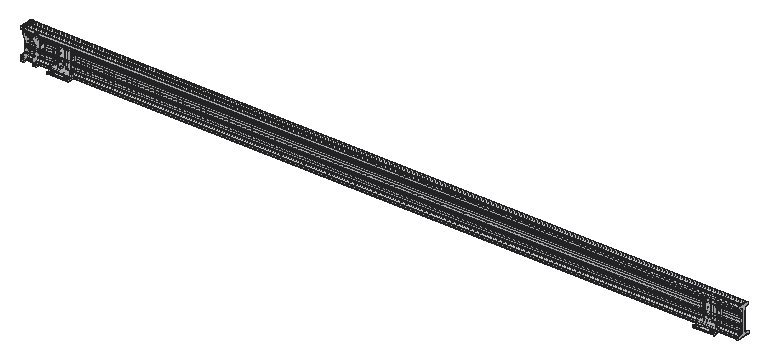
Revit family "Xbeam - 10m Beam + Brackets", category Structural Framing, Revit 2017 (continued)
Forms (mm)
  Extrusion 15, solid, not visible
    sketch origin (0, -165, 400) x (0, -1, 0) y (0, 0, -1)
      loop
        line (-0.678, 34.308) -> (-62.78, 38.65)
        arc (-62.78, 38.65) -> (-63.292, 38.894) -> (-63.5, 39.423) r 0.774
        line (-63.5, 39.423) -> (-63.5, 43.996) -> (-64.144, 44.529) -> (-63.5, 45.004) -> (-63.5, 48.967) -> (-64.8, 47.667) -> (-64.8, 35.048) -> (-63.5, 35.048) -> (-63.5, 36.51)
        arc (-63.5, 36.51) -> (-63.296, 36.979) -> (-62.815, 37.149) r 0.64
        line (-62.815, 37.149) -> (-4.73, 33.087)
        arc (-4.73, 33.087) -> (-4.069, 32.772) -> (-3.8, 32.09) r 1
        arc (-3.8, 32.09) -> (-3.406, 30.553) -> (-2.323, 29.394) r 3.2
        arc (-2.323, 29.394) -> (-1.59, 29.462) -> (-1.474, 30.188) r 0.6
        arc (-1.474, 30.188) -> (-1.845, 30.564) -> (-2.359, 30.688) r 0.963
        arc (-2.359, 30.688) -> (-2.867, 31.704) -> (-2.446, 32.76) r 1.389
        arc (-2.446, 32.76) -> (-1.679, 32.934) -> (-1.174, 32.33) r 0.755
        arc (-1.174, 32.33) -> (-0.734, 31.492) -> (0, 32.091) r 0.611
        line (0, 32.091) -> (0, 33.581)
        arc (0, 33.581) -> (-0.196, 34.078) -> (-0.678, 34.308) r 0.728
    from 1.6 to 1508.4
  Extrusion 16, solid, not visible
    sketch origin (0, -165, 400) x (0, -1, 0) y (0, 0, -1)
      loop
        line (-3, 2.8) -> (-12.75, 2.8) -> (-52.43, 2.8)
        arc (-52.43, 2.8) -> (-53.23, 3.6) -> (-54.03, 2.8) r 0.8
        line (-54.03, 2.8) -> (-63.5, 2.8) -> (-63.5, 3.946) -> (-64.119, 4.656) -> (-63.5, 5.677) -> (-63.5, 6.477) -> (-64.03, 7.085) -> (-63.5, 7.684) -> (-63.5, 8.977) -> (-64.03, 9.585) -> (-63.5, 10.184) -> (-63.5, 11.477) -> (-64.03, 12.085) -> (-63.5, 12.684) -> (-63.5, 13.977) -> (-64.03, 14.585) -> (-63.5, 15.184) -> (-63.5, 16.477) -> (-64.03, 17.085) -> (-63.5, 17.684) -> (-63.5, 18.977) -> (-64.03, 19.585) -> (-63.5, 20.184) -> (-63.5, 21.477) -> (-64.03, 22.085) -> (-63.5, 22.684) -> (-63.5, 23.977) -> (-64.03, 24.585) -> (-63.5, 25.184) -> (-63.5, 26.477) -> (-64.03, 27.085) -> (-63.5, 27.684) -> (-63.5, 34.299)
        arc (-63.5, 34.299) -> (-63.93, 34.702) -> (-64.5, 34.848) r 1.185
        arc (-64.5, 34.848) -> (-64.854, 34.995) -> (-65, 35.348) r 0.5
        line (-65, 35.348) -> (-65, 37.776) -> (-65.5, 39.274) -> (-65.5, 41.598) -> (-65, 42.921) -> (-65, 47.75) -> (-63.5, 49.25) -> (-63.5, 50.051) -> (-65.5, 50.051) -> (-65.5, 138.65)
        arc (-65.5, 138.65) -> (-66.063, 139.383) -> (-66.917, 139.029) r 0.759
        line (-66.917, 139.029) -> (-68.3, 136.633) -> (-68.3, 132.637) -> (-67.766, 132.042) -> (-68.3, 131.439) -> (-68.3, 130.127) -> (-67.766, 129.531) -> (-68.3, 128.928) -> (-68.3, 127.616) -> (-67.766, 127.02) -> (-68.3, 126.417) -> (-68.3, 125.105) -> (-67.766, 124.509) -> (-68.3, 123.907) -> (-68.3, 122.594) -> (-67.766, 121.999) -> (-68.3, 121.396) -> (-68.3, 120.083) -> (-67.766, 119.488) -> (-68.3, 118.885) -> (-68.3, 117.573) -> (-67.766, 116.977) -> (-68.3, 116.374) -> (-68.3, 115.062) -> (-67.766, 114.466) -> (-68.3, 113.863) -> (-68.3, 111.84) -> (-68.8, 110.926) -> (-68.8, 107.393)
        arc (-68.8, 107.393) -> (-69.023, 106.856) -> (-69.56, 106.633) r 0.76
        line (-69.56, 106.633) -> (-75.665, 106.633)
        arc (-75.665, 106.633) -> (-76.156, 106.8) -> (-76.445, 107.232) r 0.808
        line (-76.445, 107.232) -> (-77.686, 111.864)
        arc (-77.686, 111.864) -> (-78.057, 112.419) -> (-78.688, 112.633) r 1.037
        line (-78.688, 112.633) -> (-91.978, 112.633)
        arc (-91.978, 112.633) -> (-92.983, 113.05) -> (-93.4, 114.055) r 1.422
        line (-93.4, 114.055) -> (-93.4, 139.541)
        arc (-93.4, 139.541) -> (-93.158, 140.125) -> (-92.574, 140.367) r 0.826
        line (-92.574, 140.367) -> (-90.789, 140.367)
        arc (-90.789, 140.367) -> (-90.313, 140.206) -> (-90.034, 139.788) r 0.781
        line (-90.034, 139.788) -> (-89.654, 138.368)
        arc (-89.654, 138.368) -> (-88.306, 137.59) -> (-87.529, 138.938) r 1.1
        line (-87.529, 138.938) -> (-88.428, 142.292)
        arc (-88.428, 142.292) -> (-88.705, 142.707) -> (-89.177, 142.867) r 0.776
        line (-89.177, 142.867) -> (-95.38, 142.867)
        arc (-95.38, 142.867) -> (-95.96, 142.627) -> (-96.2, 142.047) r 0.82
        line (-96.2, 142.047) -> (-96.2, 136.131) -> (-95.666, 135.536) -> (-96.2, 134.933) -> (-96.2, 133.62) -> (-95.666, 133.025) -> (-96.2, 132.422) -> (-96.2, 131.11) -> (-95.666, 130.514) -> (-96.2, 129.911) -> (-96.2, 128.599) -> (-95.666, 128.003) -> (-96.2, 127.4) -> (-96.2, 126.088) -> (-95.666, 125.492) -> (-96.2, 124.89) -> (-96.2, 123.577) -> (-95.666, 122.982) -> (-96.2, 122.379) -> (-96.2, 121.066) -> (-95.666, 120.471) -> (-96.2, 119.868) -> (-96.2, 118.556) -> (-95.666, 117.96) -> (-96.2, 117.357) -> (-96.2, 115.574) -> (-96.7, 114.708) -> (-96.7, 112.265)
        arc (-96.7, 112.265) -> (-96.763, 111.784) -> (-96.949, 111.335) r 1.86
        line (-96.949, 111.335) -> (-99.092, 107.625)
        arc (-99.092, 107.625) -> (-99.396, 106.889) -> (-99.5, 106.101) r 3.048
        line (-99.5, 106.101) -> (-99.5, 76.404) -> (-99.5, 50.051) -> (-101.5, 50.051) -> (-101.5, 49.25) -> (-100, 47.75) -> (-100, 42.921) -> (-99.5, 41.598) -> (-99.5, 39.274) -> (-100, 37.776) -> (-100, 35.348)
        arc (-100, 35.348) -> (-100.146, 34.995) -> (-100.5, 34.848) r 0.5
        arc (-100.5, 34.848) -> (-101.07, 34.702) -> (-101.5, 34.299) r 1.185
        line (-101.5, 34.299) -> (-101.5, 27.684) -> (-100.97, 27.085) -> (-101.5, 26.477) -> (-101.5, 25.184) -> (-100.97, 24.585) -> (-101.5, 23.977) -> (-101.5, 22.684) -> (-100.97, 22.085) -> (-101.5, 21.477) -> (-101.5, 20.184) -> (-100.97, 19.585) -> (-101.5, 18.977) -> (-101.5, 17.684) -> (-100.97, 17.085) -> (-101.5, 16.477) -> (-101.5, 15.184) -> (-100.97, 14.585) -> (-101.5, 13.977) -> (-101.5, 12.684) -> (-100.97, 12.085) -> (-101.5, 11.477) -> (-101.5, 10.184) -> (-100.97, 9.585) -> (-101.5, 8.977) -> (-101.5, 7.684) -> (-100.97, 7.085) -> (-101.5, 6.477) -> (-101.5, 5.677) -> (-100.881, 4.656) -> (-101.5, 3.946) -> (-101.5, 2.8) -> (-110.97, 2.8)
        arc (-110.97, 2.8) -> (-111.77, 3.6) -> (-112.57, 2.8) r 0.8
        line (-112.57, 2.8) -> (-152.25, 2.8) -> (-162, 2.8) -> (-162, 3.946) -> (-162.53, 4.554) -> (-162, 5.154) -> (-162, 6.446) -> (-162.53, 7.054) -> (-162, 7.654) -> (-162, 8.946) -> (-162.53, 9.554) -> (-162, 10.154) -> (-162, 11.446) -> (-162.53, 12.054) -> (-162, 12.654) -> (-162, 13.946) -> (-162.53, 14.554) -> (-162, 15.154) -> (-162, 16.446) -> (-162.53, 17.054) -> (-162, 17.654) -> (-162, 18.946) -> (-162.53, 19.554) -> (-162, 20.154) -> (-162, 21.446) -> (-162.53, 22.054) -> (-162, 22.654) -> (-162, 23.946) -> (-162.53, 24.554) -> (-162, 25.154) -> (-162, 26.446) -> (-162.53, 27.054) -> (-162, 27.654) -> (-162, 29.252) -> (-163.328, 29.252)
        arc (-163.328, 29.252) -> (-163.666, 29.906) -> (-163.302, 30.547) r 0.774
        line (-163.302, 30.547) -> (-162.484, 31.394)
        arc (-162.484, 31.394) -> (-162.779, 32.384) -> (-163.721, 31.959) r 0.686
        arc (-163.721, 31.959) -> (-163.957, 31.596) -> (-164.352, 31.418) r 0.774
        arc (-164.352, 31.418) -> (-164.815, 31.166) -> (-165, 30.671) r 0.754
        line (-165, 30.671) -> (-165, 1.941)
        arc (-165, 1.941) -> (-164.431, 0.569) -> (-163.059, 0) r 1.941
        line (-163.059, 0) -> (-82.904, 0) -> (-1.941, 0)
        arc (-1.941, 0) -> (-0.569, 0.569) -> (0, 1.941) r 1.941
        line (0, 1.941) -> (0, 30.671)
        arc (0, 30.671) -> (-0.185, 31.166) -> (-0.648, 31.418) r 0.754
        arc (-0.648, 31.418) -> (-1.043, 31.596) -> (-1.279, 31.959) r 0.774
        arc (-1.279, 31.959) -> (-2.221, 32.384) -> (-2.516, 31.394) r 0.686
        line (-2.516, 31.394) -> (-1.698, 30.547)
        arc (-1.698, 30.547) -> (-1.334, 29.906) -> (-1.672, 29.252) r 0.774
        line (-1.672, 29.252) -> (-3, 29.252) -> (-3, 27.654) -> (-2.47, 27.054) -> (-3, 26.446) -> (-3, 25.154) -> (-2.47, 24.554) -> (-3, 23.946) -> (-3, 22.654) -> (-2.47, 22.054) -> (-3, 21.446) -> (-3, 20.154) -> (-2.47, 19.554) -> (-3, 18.946) -> (-3, 17.654) -> (-2.47, 17.054) -> (-3, 16.446) -> (-3, 15.154) -> (-2.47, 14.554) -> (-3, 13.946) -> (-3, 12.654) -> (-2.47, 12.054) -> (-3, 11.446) -> (-3, 10.154) -> (-2.47, 9.554) -> (-3, 8.946) -> (-3, 7.654) -> (-2.47, 7.054) -> (-3, 6.446) -> (-3, 5.154) -> (-2.47, 4.554) -> (-3, 3.946) -> (-3, 2.8)
      loop
        line (-67.9, 27.587) -> (-68.5, 35.109) -> (-68.5, 63.008)
        arc (-68.5, 63.008) -> (-68.791, 63.709) -> (-69.492, 64) r 0.992
        line (-69.492, 64) -> (-82.904, 64) -> (-95.508, 64)
        arc (-95.508, 64) -> (-96.209, 63.709) -> (-96.5, 63.008) r 0.992
        line (-96.5, 63.008) -> (-96.5, 35.109) -> (-97.1, 27.587) -> (-97.1, 7.002)
        arc (-97.1, 7.002) -> (-96.514, 5.586) -> (-95.098, 5) r 2.002
        line (-95.098, 5) -> (-82.904, 5) -> (-69.902, 5)
        arc (-69.902, 5) -> (-68.486, 5.586) -> (-67.9, 7.002) r 2.002
        line (-67.9, 7.002) -> (-67.9, 27.587)
      loop
        arc (-69.219, 68) -> (-68.569, 68.269) -> (-68.3, 68.919) r 0.919
        line (-68.3, 68.919) -> (-68.3, 102.183)
        arc (-68.3, 102.183) -> (-68.725, 103.208) -> (-69.75, 103.633) r 1.45
        line (-69.75, 103.633) -> (-76.753, 103.633)
        arc (-76.753, 103.633) -> (-78.208, 104.127) -> (-79.061, 105.404) r 2.39
        line (-79.061, 105.404) -> (-79.901, 108.538)
        arc (-79.901, 108.538) -> (-80.429, 109.328) -> (-81.328, 109.633) r 1.478
        line (-81.328, 109.633) -> (-93.935, 109.633)
        arc (-93.935, 109.633) -> (-94.597, 109.456) -> (-95.081, 108.972) r 1.322
        line (-95.081, 108.972) -> (-96.462, 106.58)
        arc (-96.462, 106.58) -> (-96.639, 106.151) -> (-96.7, 105.691) r 1.778
        line (-96.7, 105.691) -> (-96.7, 68.919)
        arc (-96.7, 68.919) -> (-96.431, 68.269) -> (-95.781, 68) r 0.919
        line (-95.781, 68) -> (-82.904, 68) -> (-69.219, 68)
    from 1.6 to 1508.4
Dimensions and locks
  "Min. Max. Primary Bearer Lenght": plane 4 "Primary Bearer Lenght" to plane 3 "Center (Left/Right)"
  locked: plane 6 to plane 4 "Primary Bearer Lenght" at 1.6
  locked: plane 3 "Center (Left/Right)" to plane 5 at 1.6
  "Min. Max. distancia a borde": plane 3 "Center (Left/Right)" to plane 7
  plane 3 "Center (Left/Right)" to nested 3 = 281.6 mm
  nested 6 to plane 7 = 150 mm
  "Min. Max. Portal spacing": plane 8 to plane 7
  plane 8 to plane 4 "Primary Bearer Lenght" = 432 mm
  aligned and locked: level to plane 2
  aligned and locked: plane 4 "Primary Bearer Lenght" to nested 2
  aligned and locked: plane 6 to Extrusion 7
  aligned and locked: plane 6 to Extrusion 5
  aligned and locked: plane 6 to Extrusion 1
  aligned and locked: plane 6 to Extrusion 2
  aligned and locked: plane 6 to Extrusion 6
  aligned and locked: plane 6 to Extrusion 4
  aligned and locked: plane 6 to Extrusion 3
  aligned and locked: plane 3 "Center (Left/Right)" to nested 1
  aligned and locked: Extrusion 5 to plane 5
  aligned and locked: Extrusion 2 to plane 5
  aligned and locked: Extrusion 1 to plane 5
  aligned and locked: Extrusion 4 to plane 5
  aligned and locked: Extrusion 3 to plane 5
  aligned and locked: Extrusion 6 to plane 5
  aligned and locked: Extrusion 7 to plane 5
  aligned and locked: nested 6 to plane 7
  aligned and locked: nested 7 to plane 8
Automatic sketch dimensions
  Extrusion 1 sketch curve to Extrusion 1 sketch curve = 0.011 mm
  Extrusion 1 sketch curve to Extrusion 1 sketch curve = 0.051 mm
  Extrusion 1 sketch curve to Extrusion 1 sketch curve = 0.868 mm
  Extrusion 1 sketch curve to Extrusion 1 sketch curve = 0.441 mm
  Extrusion 1 sketch curve to Extrusion 1 sketch curve = 0.521 mm
  Extrusion 1 sketch curve to Extrusion 1 sketch curve = 0.318 mm
  Extrusion 1 sketch curve to Extrusion 1 sketch curve = 2.81 mm
  Extrusion 1 sketch curve to Extrusion 1 sketch curve = 0.07 mm
  Extrusion 1 sketch curve to Extrusion 1 sketch curve = 57.995 mm
  Extrusion 1 sketch curve to Extrusion 1 sketch curve = 0.054 mm
  Extrusion 1 sketch curve to Extrusion 1 sketch curve = 0.036 mm
  Extrusion 1 sketch curve to Extrusion 1 sketch curve = 0.045 mm
  Extrusion 1 sketch curve to Extrusion 1 sketch curve = 0.64 mm
  Extrusion 1 sketch curve to Extrusion 1 sketch curve = 0.774 mm  (x2)
  Extrusion 1 sketch curve to Extrusion 1 sketch curve = 0.644 mm
  Extrusion 1 sketch curve to Extrusion 1 sketch curve = 1.3 mm  (x2)
  Extrusion 1 sketch curve to Extrusion 1 sketch curve = 1.501 mm
  Extrusion 1 sketch curve to Extrusion 1 sketch curve = 1.462 mm
  Extrusion 1 sketch curve to Extrusion 1 sketch curve = 0.494 mm
  Extrusion 1 sketch curve to Extrusion 1 sketch curve = 1.363 mm
  Extrusion 1 sketch curve to Extrusion 1 sketch curve = 0.127 mm
  Extrusion 1 sketch curve to Extrusion 1 sketch curve = 0 mm  (x3)
  Extrusion 1 sketch curve to Extrusion 1 sketch curve = 0.998 mm
  Extrusion 1 sketch curve to Extrusion 1 sketch curve = 0.455 mm
  Extrusion 1 sketch curve to Extrusion 1 sketch curve = 1.863 mm
  Extrusion 1 sketch curve to Extrusion 1 sketch curve = 0.174 mm
  Extrusion 1 sketch curve to Extrusion 1 sketch curve = 4.574 mm
  Extrusion 1 sketch curve to Extrusion 1 sketch curve = 0.532 mm
  Extrusion 1 sketch curve to Extrusion 1 sketch curve = 0.475 mm
  Extrusion 1 sketch curve to Extrusion 1 sketch curve = 2.664 mm
  Extrusion 1 sketch curve to Extrusion 1 sketch curve = 0.562 mm
  Extrusion 1 sketch curve to Extrusion 1 sketch curve = 0.526 mm
  Extrusion 1 sketch curve to Extrusion 1 sketch curve = 0.359 mm
  Extrusion 2 sketch curve to Extrusion 2 sketch curve = 0.754 mm  (x2)
  Extrusion 2 sketch curve to Extrusion 2 sketch curve = 0.944 mm  (x2)
  Extrusion 2 sketch curve to Extrusion 2 sketch curve = 0.238 mm
  Extrusion 2 sketch curve to Extrusion 2 sketch curve = 0.41 mm  (x3)
  Extrusion 2 sketch curve to Extrusion 2 sketch curve = 0.798 mm
  Extrusion 2 sketch curve to Extrusion 2 sketch curve = 0.58 mm  (x2)
  Extrusion 2 sketch curve to Extrusion 2 sketch curve = 0.53 mm  (x43)
  Extrusion 2 sketch curve to Extrusion 2 sketch curve = 1.059 mm  (x2)
  Extrusion 2 sketch curve to Extrusion 2 sketch curve = 0.893 mm  (x2)
  Extrusion 2 sketch curve to Extrusion 2 sketch curve = 9.75 mm  (x2)
  Extrusion 2 sketch curve to Extrusion 2 sketch curve = 39.68 mm  (x2)
  Extrusion 2 sketch curve to Extrusion 2 sketch curve = 0.8 mm  (x4)
  Extrusion 2 sketch curve to Extrusion 2 sketch curve = 9.47 mm  (x3)
  Extrusion 2 sketch curve to Extrusion 2 sketch curve = 0 mm  (x48)
  Extrusion 2 sketch curve to Extrusion 2 sketch curve = 0.619 mm  (x3)
  Extrusion 2 sketch curve to Extrusion 2 sketch curve = 1 mm
  Extrusion 2 sketch curve to Extrusion 2 sketch curve = 0.5 mm  (x9)
  Extrusion 2 sketch curve to Extrusion 2 sketch curve = 1.5 mm  (x4)
  Extrusion 2 sketch curve to Extrusion 2 sketch curve = 2 mm
  Extrusion 2 sketch curve to Extrusion 2 sketch curve = 0.759 mm
  Extrusion 2 sketch curve to Extrusion 2 sketch curve = 0.657 mm
  Extrusion 2 sketch curve to Extrusion 2 sketch curve = 1.507 mm
  Extrusion 2 sketch curve to Extrusion 2 sketch curve = 3.87 mm  (x3)
  Extrusion 2 sketch curve to Extrusion 2 sketch curve = 0.534 mm  (x17)
  Extrusion 2 sketch curve to Extrusion 2 sketch curve = 1.383 mm
  Extrusion 2 sketch curve to Extrusion 2 sketch curve = 3.5 mm
  Extrusion 2 sketch curve to Extrusion 2 sketch curve = 0.919 mm  (x2)
  Extrusion 2 sketch curve to Extrusion 2 sketch curve = 0.992 mm
  Extrusion 2 sketch curve to Extrusion 2 sketch curve = 0.76 mm
  Extrusion 2 sketch curve to Extrusion 2 sketch curve = 1.45 mm
  Extrusion 2 sketch curve to Extrusion 2 sketch curve = 2.002 mm
  Extrusion 2 sketch curve to Extrusion 2 sketch curve = 6.105 mm
  Extrusion 2 sketch curve to Extrusion 2 sketch curve = 0.78 mm
  Extrusion 2 sketch curve to Extrusion 2 sketch curve = 1.088 mm
  Extrusion 2 sketch curve to Extrusion 2 sketch curve = 1.241 mm
  Extrusion 2 sketch curve to Extrusion 2 sketch curve = 1.002 mm
  Extrusion 2 sketch curve to Extrusion 2 sketch curve = 2.309 mm
  Extrusion 2 sketch curve to Extrusion 2 sketch curve = 0.84 mm
  Extrusion 2 sketch curve to Extrusion 2 sketch curve = 1.428 mm
  Extrusion 2 sketch curve to Extrusion 2 sketch curve = 13.002 mm
  Extrusion 2 sketch curve to Extrusion 2 sketch curve = 13.411 mm
  Extrusion 2 sketch curve to Extrusion 2 sketch curve = 19.229 mm
  Extrusion 2 sketch curve to Extrusion 2 sketch curve = 0.899 mm
  Extrusion 2 sketch curve to Extrusion 2 sketch curve = 1.063 mm  (x2)
  Extrusion 2 sketch curve to Extrusion 2 sketch curve = 0.749 mm
  Extrusion 2 sketch curve to Extrusion 2 sketch curve = 0.38 mm
  Extrusion 2 sketch curve to Extrusion 2 sketch curve = 10.65 mm
  Extrusion 2 sketch curve to Extrusion 2 sketch curve = 1.785 mm
  Extrusion 2 sketch curve to Extrusion 2 sketch curve = 1.422 mm
  Extrusion 2 sketch curve to Extrusion 2 sketch curve = 1.958 mm
  Extrusion 2 sketch curve to Extrusion 2 sketch curve = 0.986 mm
  Extrusion 2 sketch curve to Extrusion 2 sketch curve = 1.145 mm
  Extrusion 2 sketch curve to Extrusion 2 sketch curve = 12.195 mm
  Extrusion 2 sketch curve to Extrusion 2 sketch curve = 2.806 mm
  Extrusion 2 sketch curve to Extrusion 2 sketch curve = 12.604 mm
  Extrusion 2 sketch curve to Extrusion 2 sketch curve = 2.266 mm  (x2)
  Extrusion 2 sketch curve to Extrusion 2 sketch curve = 0.273 mm
  Extrusion 2 sketch curve to Extrusion 2 sketch curve = 0.82 mm
  Extrusion 2 sketch curve to Extrusion 2 sketch curve = 1.53 mm
  Extrusion 2 sketch curve to Extrusion 2 sketch curve = 0.01 mm
  Extrusion 2 sketch curve to Extrusion 2 sketch curve = 0.6 mm
  Extrusion 2 sketch curve to Extrusion 2 sketch curve = 0.249 mm
  Extrusion 2 sketch curve to Extrusion 2 sketch curve = 1.86 mm
  Extrusion 2 sketch curve to Extrusion 2 sketch curve = 2.63 mm
  Extrusion 2 sketch curve to Extrusion 2 sketch curve = 3 mm  (x2)
  Extrusion 2 sketch curve to Extrusion 2 sketch curve = 3.781 mm
  Extrusion 2 sketch curve to Extrusion 2 sketch curve = 0.088 mm
  Extrusion 2 sketch curve to Extrusion 2 sketch curve = 0.484 mm
  Extrusion 2 sketch curve to Extrusion 2 sketch curve = 0.436 mm
  Extrusion 2 sketch curve to Extrusion 2 sketch curve = 1.397 mm  (x2)
  Extrusion 2 sketch curve to Extrusion 2 sketch curve = 1.941 mm
  Extrusion 2 sketch curve to Extrusion 2 sketch curve = 0.709 mm  (x2)
  Extrusion 2 sketch curve to Extrusion 2 sketch curve = 1.146 mm  (x4)
  Extrusion 2 sketch curve to Extrusion 2 sketch curve = 0.608 mm  (x38)
  Extrusion 2 sketch curve to Extrusion 2 sketch curve = 0.599 mm  (x39)
  Extrusion 2 sketch curve to Extrusion 2 sketch curve = 1.021 mm  (x2)
  Extrusion 2 sketch curve to Extrusion 2 sketch curve = 1.293 mm  (x34)
  Extrusion 2 sketch curve to Extrusion 2 sketch curve = 0.502 mm  (x2)
  Extrusion 2 sketch curve to Extrusion 2 sketch curve = 1.295 mm
  Extrusion 2 sketch curve to Extrusion 2 sketch curve = 1.598 mm  (x2)
  Extrusion 2 sketch curve to Extrusion 2 sketch curve = 0.639 mm
  Extrusion 2 sketch curve to Extrusion 2 sketch curve = 0.124 mm  (x2)
  Extrusion 2 sketch curve to Extrusion 2 sketch curve = 0.847 mm  (x2)
  Extrusion 2 sketch curve to Extrusion 2 sketch curve = 0.366 mm  (x2)
  Extrusion 2 sketch curve to Extrusion 2 sketch curve = 0.423 mm  (x2)
  Extrusion 2 sketch curve to Extrusion 2 sketch curve = 4.112 mm
  Extrusion 2 sketch curve to Extrusion 2 sketch curve = 5.979 mm  (x2)
  Extrusion 2 sketch curve to Extrusion 2 sketch curve = 0.636 mm  (x2)
  Extrusion 2 sketch curve to Extrusion 2 sketch curve = 0.261 mm  (x2)
  Extrusion 2 sketch curve to Extrusion 2 sketch curve = 2.427 mm
  Extrusion 2 sketch curve to Extrusion 2 sketch curve = 1.499 mm  (x2)
  Extrusion 2 sketch curve to Extrusion 2 sketch curve = 1.323 mm  (x2)
  Extrusion 2 sketch curve to Extrusion 2 sketch curve = 2.324 mm  (x2)
  Extrusion 2 sketch curve to Extrusion 2 sketch curve = 4.829 mm  (x2)
  Extrusion 2 sketch curve to Extrusion 2 sketch curve = 0.801 mm  (x2)
  Extrusion 2 sketch curve to Extrusion 2 sketch curve = 12.957 mm
  Extrusion 2 sketch curve to Extrusion 2 sketch curve = 4 mm
  Extrusion 2 sketch curve to Extrusion 2 sketch curve = 7.484 mm
  Extrusion 2 sketch curve to Extrusion 2 sketch curve = 33.263 mm
  Extrusion 2 sketch curve to Extrusion 2 sketch curve = 1.771 mm
  Extrusion 2 sketch curve to Extrusion 2 sketch curve = 0.286 mm
  Extrusion 2 sketch curve to Extrusion 2 sketch curve = 0.61 mm
  Extrusion 2 sketch curve to Extrusion 2 sketch curve = 2.751 mm
  Extrusion 2 sketch curve to Extrusion 2 sketch curve = 2.62 mm
  Extrusion 2 sketch curve to Extrusion 2 sketch curve = 0.383 mm
  Extrusion 2 sketch curve to Extrusion 2 sketch curve = 3.533 mm
  Extrusion 2 sketch curve to Extrusion 2 sketch curve = 2.364 mm
  Extrusion 2 sketch curve to Extrusion 2 sketch curve = 1.963 mm
  Extrusion 2 sketch curve to Extrusion 2 sketch curve = 0.914 mm
  Extrusion 2 sketch curve to Extrusion 2 sketch curve = 0.268 mm
  Extrusion 2 sketch curve to Extrusion 2 sketch curve = 2.023 mm
  Extrusion 2 sketch curve to Extrusion 2 sketch curve = 0.603 mm  (x16)
  Extrusion 2 sketch curve to Extrusion 2 sketch curve = 2.443 mm
  Extrusion 2 sketch curve to Extrusion 2 sketch curve = 0.596 mm  (x16)
  Extrusion 2 sketch curve to Extrusion 2 sketch curve = 0.866 mm
  Extrusion 2 sketch curve to Extrusion 2 sketch curve = 1.312 mm  (x14)
  Extrusion 2 sketch curve to Extrusion 2 sketch curve = 1.783 mm
  Extrusion 2 sketch curve to Extrusion 2 sketch curve = 3.996 mm
  Extrusion 2 sketch curve to Extrusion 2 sketch curve = 2.833 mm
  Extrusion 2 sketch curve to Extrusion 2 sketch curve = 2.017 mm
  Extrusion 2 sketch curve to Extrusion 2 sketch curve = 0.285 mm
  Extrusion 2 sketch curve to Extrusion 2 sketch curve = 1.173 mm
  Extrusion 2 sketch curve to Extrusion 2 sketch curve = 0.781 mm
  Extrusion 2 sketch curve to Extrusion 2 sketch curve = 2.506 mm
  Extrusion 2 sketch curve to Extrusion 2 sketch curve = 0.776 mm
  Extrusion 3 sketch curve to Extrusion 3 sketch curve = 0.656 mm
  Extrusion 3 sketch curve to Extrusion 3 sketch curve = 1.3 mm  (x3)
  Extrusion 3 sketch curve to Extrusion 3 sketch curve = 0.644 mm
  Extrusion 3 sketch curve to Extrusion 3 sketch curve = 0.64 mm
  Extrusion 3 sketch curve to Extrusion 3 sketch curve = 0.045 mm
  Extrusion 3 sketch curve to Extrusion 3 sketch curve = 0.72 mm
  Extrusion 3 sketch curve to Extrusion 3 sketch curve = 0.054 mm
  Extrusion 3 sketch curve to Extrusion 3 sketch curve = 58.06 mm
  Extrusion 3 sketch curve to Extrusion 3 sketch curve = 0.07 mm
  Extrusion 3 sketch curve to Extrusion 3 sketch curve = 2.482 mm
  Extrusion 3 sketch curve to Extrusion 3 sketch curve = 0.318 mm
  Extrusion 3 sketch curve to Extrusion 3 sketch curve = 0.079 mm
  Extrusion 3 sketch curve to Extrusion 3 sketch curve = 0.441 mm
  Extrusion 3 sketch curve to Extrusion 3 sketch curve = 1.192 mm
  Extrusion 3 sketch curve to Extrusion 3 sketch curve = 0.051 mm
  Extrusion 3 sketch curve to Extrusion 3 sketch curve = 0.868 mm
  Extrusion 3 sketch curve to Extrusion 3 sketch curve = 0.011 mm
  Extrusion 3 sketch curve to Extrusion 3 sketch curve = 0.6 mm
  Extrusion 3 sketch curve to Extrusion 3 sketch curve = 1.363 mm
  Extrusion 3 sketch curve to Extrusion 3 sketch curve = 0.127 mm
  Extrusion 3 sketch curve to Extrusion 3 sketch curve = 0 mm  (x4)
  Extrusion 3 sketch curve to Extrusion 3 sketch curve = 0.998 mm
  Extrusion 3 sketch curve to Extrusion 3 sketch curve = 0.455 mm
  Extrusion 3 sketch curve to Extrusion 3 sketch curve = 1.863 mm
  Extrusion 3 sketch curve to Extrusion 3 sketch curve = 0.174 mm
  Extrusion 3 sketch curve to Extrusion 3 sketch curve = 1.462 mm
  Extrusion 3 sketch curve to Extrusion 3 sketch curve = 0.532 mm
  Extrusion 3 sketch curve to Extrusion 3 sketch curve = 0.475 mm
  Extrusion 3 sketch curve to Extrusion 3 sketch curve = 0.526 mm
  Extrusion 3 sketch curve to Extrusion 3 sketch curve = 0.359 mm
  Extrusion 4 sketch curve to Extrusion 4 sketch curve = 0.408 mm  (x2)
  Extrusion 4 sketch curve to Extrusion 4 sketch curve = 0.759 mm
  Extrusion 4 sketch curve to Extrusion 4 sketch curve = 0.532 mm
  Extrusion 4 sketch curve to Extrusion 4 sketch curve = 0.657 mm  (x2)
  Extrusion 4 sketch curve to Extrusion 4 sketch curve = 1.507 mm
  Extrusion 4 sketch curve to Extrusion 4 sketch curve = 0 mm  (x28)
  Extrusion 4 sketch curve to Extrusion 4 sketch curve = 1.61 mm  (x2)
  Extrusion 4 sketch curve to Extrusion 4 sketch curve = 0.534 mm  (x33)
  Extrusion 4 sketch curve to Extrusion 4 sketch curve = 1.383 mm  (x2)
  Extrusion 4 sketch curve to Extrusion 4 sketch curve = 1.86 mm
  Extrusion 4 sketch curve to Extrusion 4 sketch curve = 2.8 mm  (x3)
  Extrusion 4 sketch curve to Extrusion 4 sketch curve = 0.099 mm
  Extrusion 4 sketch curve to Extrusion 4 sketch curve = 0.238 mm
  Extrusion 4 sketch curve to Extrusion 4 sketch curve = 0.248 mm  (x2)
  Extrusion 4 sketch curve to Extrusion 4 sketch curve = 0.5 mm  (x5)
  Extrusion 4 sketch curve to Extrusion 4 sketch curve = 0.919 mm  (x2)
  Extrusion 4 sketch curve to Extrusion 4 sketch curve = 0.957 mm
  Extrusion 4 sketch curve to Extrusion 4 sketch curve = 0.912 mm
  Extrusion 4 sketch curve to Extrusion 4 sketch curve = 1.053 mm
  Extrusion 4 sketch curve to Extrusion 4 sketch curve = 0.76 mm  (x2)
  Extrusion 4 sketch curve to Extrusion 4 sketch curve = 0.82 mm
  Extrusion 4 sketch curve to Extrusion 4 sketch curve = 1.45 mm
  Extrusion 4 sketch curve to Extrusion 4 sketch curve = 1.381 mm
  Extrusion 4 sketch curve to Extrusion 4 sketch curve = 1.53 mm  (x2)
  Extrusion 4 sketch curve to Extrusion 4 sketch curve = 1.145 mm  (x2)
  Extrusion 4 sketch curve to Extrusion 4 sketch curve = 0.826 mm  (x2)
  Extrusion 4 sketch curve to Extrusion 4 sketch curve = 1.422 mm
  Extrusion 4 sketch curve to Extrusion 4 sketch curve = 1.785 mm  (x2)
  Extrusion 4 sketch curve to Extrusion 4 sketch curve = 0.754 mm  (x2)
  Extrusion 4 sketch curve to Extrusion 4 sketch curve = 0.38 mm  (x2)
  Extrusion 4 sketch curve to Extrusion 4 sketch curve = 6.105 mm
  Extrusion 4 sketch curve to Extrusion 4 sketch curve = 1.612 mm
  Extrusion 4 sketch curve to Extrusion 4 sketch curve = 1.063 mm  (x4)
  Extrusion 4 sketch curve to Extrusion 4 sketch curve = 0.78 mm  (x2)
  Extrusion 4 sketch curve to Extrusion 4 sketch curve = 0.749 mm  (x2)
  Extrusion 4 sketch curve to Extrusion 4 sketch curve = 1.088 mm
  Extrusion 4 sketch curve to Extrusion 4 sketch curve = 1.241 mm
  Extrusion 4 sketch curve to Extrusion 4 sketch curve = 1.002 mm  (x2)
  Extrusion 4 sketch curve to Extrusion 4 sketch curve = 2.309 mm  (x2)
  Extrusion 4 sketch curve to Extrusion 4 sketch curve = 0.84 mm  (x2)
  Extrusion 4 sketch curve to Extrusion 4 sketch curve = 1.428 mm  (x2)
  Extrusion 4 sketch curve to Extrusion 4 sketch curve = 12.877 mm
  Extrusion 4 sketch curve to Extrusion 4 sketch curve = 10.65 mm  (x2)
  Extrusion 4 sketch curve to Extrusion 4 sketch curve = 2.64 mm
  Extrusion 4 sketch curve to Extrusion 4 sketch curve = 19.229 mm
  Extrusion 4 sketch curve to Extrusion 4 sketch curve = 0.899 mm
  Extrusion 4 sketch curve to Extrusion 4 sketch curve = 0.308 mm
  Extrusion 4 sketch curve to Extrusion 4 sketch curve = 1.958 mm
  Extrusion 4 sketch curve to Extrusion 4 sketch curve = 0.986 mm
  Extrusion 4 sketch curve to Extrusion 4 sketch curve = 5.915 mm
  Extrusion 4 sketch curve to Extrusion 4 sketch curve = 2.806 mm
  Extrusion 4 sketch curve to Extrusion 4 sketch curve = 0.19 mm
  Extrusion 4 sketch curve to Extrusion 4 sketch curve = 13.457 mm
  Extrusion 4 sketch curve to Extrusion 4 sketch curve = 2.266 mm  (x3)
  Extrusion 4 sketch curve to Extrusion 4 sketch curve = 26.369 mm
  Extrusion 4 sketch curve to Extrusion 4 sketch curve = 0.045 mm
  Extrusion 4 sketch curve to Extrusion 4 sketch curve = 0.227 mm
  Extrusion 4 sketch curve to Extrusion 4 sketch curve = 0.01 mm
  Extrusion 4 sketch curve to Extrusion 4 sketch curve = 0.929 mm
  Extrusion 4 sketch curve to Extrusion 4 sketch curve = 0.249 mm
  Extrusion 4 sketch curve to Extrusion 4 sketch curve = 2.63 mm
  Extrusion 4 sketch curve to Extrusion 4 sketch curve = 0.575 mm
  Extrusion 4 sketch curve to Extrusion 4 sketch curve = 1.68 mm
  Extrusion 4 sketch curve to Extrusion 4 sketch curve = 0.579 mm
  Extrusion 4 sketch curve to Extrusion 4 sketch curve = 3.263 mm
  Extrusion 4 sketch curve to Extrusion 4 sketch curve = 0.851 mm
  Extrusion 4 sketch curve to Extrusion 4 sketch curve = 0.285 mm  (x2)
  Extrusion 4 sketch curve to Extrusion 4 sketch curve = 2.396 mm
  Extrusion 4 sketch curve to Extrusion 4 sketch curve = 3.41 mm
  Extrusion 4 sketch curve to Extrusion 4 sketch curve = 0.596 mm  (x32)
  Extrusion 4 sketch curve to Extrusion 4 sketch curve = 0.603 mm  (x32)
  Extrusion 4 sketch curve to Extrusion 4 sketch curve = 1.312 mm  (x28)
  Extrusion 4 sketch curve to Extrusion 4 sketch curve = 3.996 mm  (x2)
  Extrusion 4 sketch curve to Extrusion 4 sketch curve = 1.783 mm  (x2)
  Extrusion 4 sketch curve to Extrusion 4 sketch curve = 0.866 mm  (x2)
  Extrusion 4 sketch curve to Extrusion 4 sketch curve = 1.519 mm
  Extrusion 4 sketch curve to Extrusion 4 sketch curve = 2.443 mm  (x2)
  Extrusion 4 sketch curve to Extrusion 4 sketch curve = 0.769 mm
  Extrusion 4 sketch curve to Extrusion 4 sketch curve = 2.023 mm  (x2)
  Extrusion 4 sketch curve to Extrusion 4 sketch curve = 0.914 mm  (x2)
  Extrusion 4 sketch curve to Extrusion 4 sketch curve = 1.963 mm  (x2)
  Extrusion 4 sketch curve to Extrusion 4 sketch curve = 0.661 mm
  Extrusion 4 sketch curve to Extrusion 4 sketch curve = 1.095 mm
  Extrusion 4 sketch curve to Extrusion 4 sketch curve = 1.347 mm
  Extrusion 4 sketch curve to Extrusion 4 sketch curve = 1.097 mm
  Extrusion 4 sketch curve to Extrusion 4 sketch curve = 3.533 mm  (x2)
  Extrusion 4 sketch curve to Extrusion 4 sketch curve = 0.479 mm
  Extrusion 4 sketch curve to Extrusion 4 sketch curve = 0.61 mm  (x2)
  Extrusion 4 sketch curve to Extrusion 4 sketch curve = 0.619 mm
  Extrusion 4 sketch curve to Extrusion 4 sketch curve = 28.716 mm
  Extrusion 4 sketch curve to Extrusion 4 sketch curve = 3.8 mm
  Extrusion 4 sketch curve to Extrusion 4 sketch curve = 21.268 mm
  Extrusion 4 sketch curve to Extrusion 4 sketch curve = 21.014 mm
  Extrusion 4 sketch curve to Extrusion 4 sketch curve = 3.951 mm
  Extrusion 4 sketch curve to Extrusion 4 sketch curve = 0.587 mm
  Extrusion 4 sketch curve to Extrusion 4 sketch curve = 25.193 mm
  Extrusion 4 sketch curve to Extrusion 4 sketch curve = 1.771 mm
  Extrusion 4 sketch curve to Extrusion 4 sketch curve = 0.286 mm
  Extrusion 4 sketch curve to Extrusion 4 sketch curve = 0.41 mm
  Extrusion 4 sketch curve to Extrusion 4 sketch curve = 0.599 mm
  Extrusion 4 sketch curve to Extrusion 4 sketch curve = 2.751 mm
  Extrusion 4 sketch curve to Extrusion 4 sketch curve = 2.62 mm
  Extrusion 4 sketch curve to Extrusion 4 sketch curve = 0.383 mm
  Extrusion 4 sketch curve to Extrusion 4 sketch curve = 2.364 mm
  Extrusion 4 sketch curve to Extrusion 4 sketch curve = 0.268 mm
  Extrusion 4 sketch curve to Extrusion 4 sketch curve = 2.833 mm
  Extrusion 4 sketch curve to Extrusion 4 sketch curve = 2.017 mm
  Extrusion 4 sketch curve to Extrusion 4 sketch curve = 1.173 mm
  Extrusion 4 sketch curve to Extrusion 4 sketch curve = 0.781 mm
  Extrusion 4 sketch curve to Extrusion 4 sketch curve = 2.506 mm
  Extrusion 4 sketch curve to Extrusion 4 sketch curve = 0.776 mm
  Extrusion 5 sketch curve to Extrusion 5 sketch curve = 0.6 mm
  Extrusion 5 sketch curve to Extrusion 5 sketch curve = 0.011 mm
  Extrusion 5 sketch curve to Extrusion 5 sketch curve = 0.051 mm
  Extrusion 5 sketch curve to Extrusion 5 sketch curve = 0.868 mm
  Extrusion 5 sketch curve to Extrusion 5 sketch curve = 0.441 mm
  Extrusion 5 sketch curve to Extrusion 5 sketch curve = 0.521 mm
  Extrusion 5 sketch curve to Extrusion 5 sketch curve = 0.318 mm
  Extrusion 5 sketch curve to Extrusion 5 sketch curve = 2.81 mm
  Extrusion 5 sketch curve to Extrusion 5 sketch curve = 0.07 mm
  Extrusion 5 sketch curve to Extrusion 5 sketch curve = 57.995 mm
  Extrusion 5 sketch curve to Extrusion 5 sketch curve = 0.054 mm
  Extrusion 5 sketch curve to Extrusion 5 sketch curve = 0.036 mm
  Extrusion 5 sketch curve to Extrusion 5 sketch curve = 0.045 mm
  Extrusion 5 sketch curve to Extrusion 5 sketch curve = 0.64 mm
  Extrusion 5 sketch curve to Extrusion 5 sketch curve = 0.774 mm  (x2)
  Extrusion 5 sketch curve to Extrusion 5 sketch curve = 0.644 mm
  Extrusion 5 sketch curve to Extrusion 5 sketch curve = 1.3 mm  (x2)
  Extrusion 5 sketch curve to Extrusion 5 sketch curve = 0.174 mm
  Extrusion 5 sketch curve to Extrusion 5 sketch curve = 1.863 mm
  Extrusion 5 sketch curve to Extrusion 5 sketch curve = 0.327 mm
  Extrusion 5 sketch curve to Extrusion 5 sketch curve = 0.328 mm
  Extrusion 5 sketch curve to Extrusion 5 sketch curve = 0 mm  (x3)
  Extrusion 5 sketch curve to Extrusion 5 sketch curve = 0.455 mm
  Extrusion 5 sketch curve to Extrusion 5 sketch curve = 0.998 mm
  Extrusion 5 sketch curve to Extrusion 5 sketch curve = 1.49 mm
  Extrusion 5 sketch curve to Extrusion 5 sketch curve = 2.959 mm
  Extrusion 5 sketch curve to Extrusion 5 sketch curve = 1.462 mm
  Extrusion 5 sketch curve to Extrusion 5 sketch curve = 1.501 mm
  Extrusion 5 sketch curve to Extrusion 5 sketch curve = 4.574 mm
  Extrusion 5 sketch curve to Extrusion 5 sketch curve = 0.532 mm
  Extrusion 5 sketch curve to Extrusion 5 sketch curve = 0.475 mm
  Extrusion 5 sketch curve to Extrusion 5 sketch curve = 2.664 mm
  Extrusion 5 sketch curve to Extrusion 5 sketch curve = 0.562 mm
  Extrusion 5 sketch curve to Extrusion 5 sketch curve = 0.526 mm
  Extrusion 5 sketch curve to Extrusion 5 sketch curve = 0.359 mm
  Extrusion 6 sketch curve to Extrusion 6 sketch curve = 0.656 mm
  Extrusion 6 sketch curve to Extrusion 6 sketch curve = 1.3 mm  (x3)
  Extrusion 6 sketch curve to Extrusion 6 sketch curve = 0.644 mm
  Extrusion 6 sketch curve to Extrusion 6 sketch curve = 0.64 mm
  Extrusion 6 sketch curve to Extrusion 6 sketch curve = 0.045 mm
  Extrusion 6 sketch curve to Extrusion 6 sketch curve = 0.72 mm
  Extrusion 6 sketch curve to Extrusion 6 sketch curve = 0.054 mm
  Extrusion 6 sketch curve to Extrusion 6 sketch curve = 58.06 mm
  Extrusion 6 sketch curve to Extrusion 6 sketch curve = 0.07 mm
  Extrusion 6 sketch curve to Extrusion 6 sketch curve = 2.482 mm
  Extrusion 6 sketch curve to Extrusion 6 sketch curve = 0.318 mm
  Extrusion 6 sketch curve to Extrusion 6 sketch curve = 0.079 mm
  Extrusion 6 sketch curve to Extrusion 6 sketch curve = 0.441 mm
  Extrusion 6 sketch curve to Extrusion 6 sketch curve = 1.192 mm
  Extrusion 6 sketch curve to Extrusion 6 sketch curve = 0.051 mm
  Extrusion 6 sketch curve to Extrusion 6 sketch curve = 0.868 mm
  Extrusion 6 sketch curve to Extrusion 6 sketch curve = 0.011 mm
  Extrusion 6 sketch curve to Extrusion 6 sketch curve = 0.6 mm
  Extrusion 6 sketch curve to Extrusion 6 sketch curve = 0.174 mm
  Extrusion 6 sketch curve to Extrusion 6 sketch curve = 1.863 mm
  Extrusion 6 sketch curve to Extrusion 6 sketch curve = 0.327 mm
  Extrusion 6 sketch curve to Extrusion 6 sketch curve = 0.328 mm
  Extrusion 6 sketch curve to Extrusion 6 sketch curve = 0 mm  (x4)
  Extrusion 6 sketch curve to Extrusion 6 sketch curve = 0.455 mm
  Extrusion 6 sketch curve to Extrusion 6 sketch curve = 0.998 mm
  Extrusion 6 sketch curve to Extrusion 6 sketch curve = 1.49 mm
  Extrusion 6 sketch curve to Extrusion 6 sketch curve = 2.959 mm
  Extrusion 6 sketch curve to Extrusion 6 sketch curve = 1.462 mm
  Extrusion 6 sketch curve to Extrusion 6 sketch curve = 1.501 mm
  Extrusion 6 sketch curve to Extrusion 6 sketch curve = 4.574 mm
  Extrusion 6 sketch curve to Extrusion 6 sketch curve = 0.532 mm
  Extrusion 6 sketch curve to Extrusion 6 sketch curve = 0.475 mm
  Extrusion 6 sketch curve to Extrusion 6 sketch curve = 2.664 mm
  Extrusion 6 sketch curve to Extrusion 6 sketch curve = 0.526 mm
  Extrusion 6 sketch curve to Extrusion 6 sketch curve = 0.359 mm
  Extrusion 7 sketch curve to Extrusion 7 sketch curve = 0.754 mm  (x3)
  Extrusion 7 sketch curve to Extrusion 7 sketch curve = 0.918 mm
  Extrusion 7 sketch curve to Extrusion 7 sketch curve = 0.944 mm  (x2)
  Extrusion 7 sketch curve to Extrusion 7 sketch curve = 0.238 mm  (x2)
  Extrusion 7 sketch curve to Extrusion 7 sketch curve = 1.941 mm
  Extrusion 7 sketch curve to Extrusion 7 sketch curve = 0.41 mm  (x3)
  Extrusion 7 sketch curve to Extrusion 7 sketch curve = 0 mm  (x53)
  Extrusion 7 sketch curve to Extrusion 7 sketch curve = 0.798 mm
  Extrusion 7 sketch curve to Extrusion 7 sketch curve = 0.58 mm  (x2)
  Extrusion 7 sketch curve to Extrusion 7 sketch curve = 0.53 mm  (x39)
  Extrusion 7 sketch curve to Extrusion 7 sketch curve = 1.059 mm  (x2)
  Extrusion 7 sketch curve to Extrusion 7 sketch curve = 0.893 mm  (x2)
  Extrusion 7 sketch curve to Extrusion 7 sketch curve = 9.75 mm  (x3)
  Extrusion 7 sketch curve to Extrusion 7 sketch curve = 39.68 mm  (x2)
  Extrusion 7 sketch curve to Extrusion 7 sketch curve = 0.8 mm  (x4)
  Extrusion 7 sketch curve to Extrusion 7 sketch curve = 9.47 mm  (x2)
  Extrusion 7 sketch curve to Extrusion 7 sketch curve = 0.619 mm  (x2)
  Extrusion 7 sketch curve to Extrusion 7 sketch curve = 1 mm  (x2)
  Extrusion 7 sketch curve to Extrusion 7 sketch curve = 0.5 mm  (x10)
  Extrusion 7 sketch curve to Extrusion 7 sketch curve = 2 mm
  Extrusion 7 sketch curve to Extrusion 7 sketch curve = 0.408 mm
  Extrusion 7 sketch curve to Extrusion 7 sketch curve = 0.532 mm
  Extrusion 7 sketch curve to Extrusion 7 sketch curve = 3.87 mm  (x2)
  Extrusion 7 sketch curve to Extrusion 7 sketch curve = 1.61 mm
  Extrusion 7 sketch curve to Extrusion 7 sketch curve = 0.249 mm
  Extrusion 7 sketch curve to Extrusion 7 sketch curve = 2.8 mm
  Extrusion 7 sketch curve to Extrusion 7 sketch curve = 0.2 mm
  Extrusion 7 sketch curve to Extrusion 7 sketch curve = 0.248 mm
  Extrusion 7 sketch curve to Extrusion 7 sketch curve = 0.919 mm  (x2)
  Extrusion 7 sketch curve to Extrusion 7 sketch curve = 0.534 mm  (x16)
  Extrusion 7 sketch curve to Extrusion 7 sketch curve = 0.992 mm  (x2)
  Extrusion 7 sketch curve to Extrusion 7 sketch curve = 0.82 mm
  Extrusion 7 sketch curve to Extrusion 7 sketch curve = 2.002 mm  (x2)
  Extrusion 7 sketch curve to Extrusion 7 sketch curve = 1.381 mm
  Extrusion 7 sketch curve to Extrusion 7 sketch curve = 1.53 mm
  Extrusion 7 sketch curve to Extrusion 7 sketch curve = 1.145 mm
  Extrusion 7 sketch curve to Extrusion 7 sketch curve = 1.98 mm
  Extrusion 7 sketch curve to Extrusion 7 sketch curve = 0.826 mm
  Extrusion 7 sketch curve to Extrusion 7 sketch curve = 1.422 mm
  Extrusion 7 sketch curve to Extrusion 7 sketch curve = 1.785 mm
  Extrusion 7 sketch curve to Extrusion 7 sketch curve = 0.38 mm
  Extrusion 7 sketch curve to Extrusion 7 sketch curve = 1.612 mm
  Extrusion 7 sketch curve to Extrusion 7 sketch curve = 1.063 mm  (x2)
  Extrusion 7 sketch curve to Extrusion 7 sketch curve = 0.749 mm
  Extrusion 7 sketch curve to Extrusion 7 sketch curve = 12.195 mm
  Extrusion 7 sketch curve to Extrusion 7 sketch curve = 12.604 mm
  Extrusion 7 sketch curve to Extrusion 7 sketch curve = 10.65 mm
  Extrusion 7 sketch curve to Extrusion 7 sketch curve = 1.428 mm
  Extrusion 7 sketch curve to Extrusion 7 sketch curve = 0.84 mm
  Extrusion 7 sketch curve to Extrusion 7 sketch curve = 2.64 mm
  Extrusion 7 sketch curve to Extrusion 7 sketch curve = 1.002 mm
  Extrusion 7 sketch curve to Extrusion 7 sketch curve = 2.309 mm
  Extrusion 7 sketch curve to Extrusion 7 sketch curve = 0.308 mm
  Extrusion 7 sketch curve to Extrusion 7 sketch curve = 0.78 mm
  Extrusion 7 sketch curve to Extrusion 7 sketch curve = 13.002 mm
  Extrusion 7 sketch curve to Extrusion 7 sketch curve = 5.915 mm
  Extrusion 7 sketch curve to Extrusion 7 sketch curve = 0.19 mm
  Extrusion 7 sketch curve to Extrusion 7 sketch curve = 13.411 mm
  Extrusion 7 sketch curve to Extrusion 7 sketch curve = 0.273 mm
  Extrusion 7 sketch curve to Extrusion 7 sketch curve = 0.76 mm
  Extrusion 7 sketch curve to Extrusion 7 sketch curve = 19.229 mm
  Extrusion 7 sketch curve to Extrusion 7 sketch curve = 1.383 mm
  Extrusion 7 sketch curve to Extrusion 7 sketch curve = 0.657 mm
  Extrusion 7 sketch curve to Extrusion 7 sketch curve = 3 mm
  Extrusion 7 sketch curve to Extrusion 7 sketch curve = 0.759 mm
  Extrusion 7 sketch curve to Extrusion 7 sketch curve = 3.781 mm
  Extrusion 7 sketch curve to Extrusion 7 sketch curve = 0.088 mm
  Extrusion 7 sketch curve to Extrusion 7 sketch curve = 1.5 mm  (x3)
  Extrusion 7 sketch curve to Extrusion 7 sketch curve = 0.484 mm
  Extrusion 7 sketch curve to Extrusion 7 sketch curve = 0.436 mm
  Extrusion 7 sketch curve to Extrusion 7 sketch curve = 1.397 mm  (x2)
  Extrusion 7 sketch curve to Extrusion 7 sketch curve = 0.859 mm  (x2)
  Extrusion 7 sketch curve to Extrusion 7 sketch curve = 1.146 mm  (x4)
  Extrusion 7 sketch curve to Extrusion 7 sketch curve = 0.608 mm  (x38)
  Extrusion 7 sketch curve to Extrusion 7 sketch curve = 0.709 mm  (x2)
  Extrusion 7 sketch curve to Extrusion 7 sketch curve = 5 mm
  Extrusion 7 sketch curve to Extrusion 7 sketch curve = 0.599 mm  (x39)
  Extrusion 7 sketch curve to Extrusion 7 sketch curve = 1.021 mm  (x2)
  Extrusion 7 sketch curve to Extrusion 7 sketch curve = 1.293 mm  (x34)
  Extrusion 7 sketch curve to Extrusion 7 sketch curve = 0.502 mm  (x2)
  Extrusion 7 sketch curve to Extrusion 7 sketch curve = 1.598 mm  (x2)
  Extrusion 7 sketch curve to Extrusion 7 sketch curve = 0.639 mm  (x2)
  Extrusion 7 sketch curve to Extrusion 7 sketch curve = 0.124 mm  (x2)
  Extrusion 7 sketch curve to Extrusion 7 sketch curve = 0.847 mm  (x2)
  Extrusion 7 sketch curve to Extrusion 7 sketch curve = 0.366 mm  (x2)
  Extrusion 7 sketch curve to Extrusion 7 sketch curve = 0.423 mm  (x2)
  Extrusion 7 sketch curve to Extrusion 7 sketch curve = 5.979 mm  (x2)
  Extrusion 7 sketch curve to Extrusion 7 sketch curve = 0.636 mm  (x2)
  Extrusion 7 sketch curve to Extrusion 7 sketch curve = 0.261 mm  (x2)
  Extrusion 7 sketch curve to Extrusion 7 sketch curve = 2.427 mm  (x2)
  Extrusion 7 sketch curve to Extrusion 7 sketch curve = 1.499 mm  (x2)
  Extrusion 7 sketch curve to Extrusion 7 sketch curve = 2.324 mm  (x2)
  Extrusion 7 sketch curve to Extrusion 7 sketch curve = 1.323 mm  (x2)
  Extrusion 7 sketch curve to Extrusion 7 sketch curve = 4.829 mm  (x2)
  Extrusion 7 sketch curve to Extrusion 7 sketch curve = 0.801 mm  (x2)
  Extrusion 7 sketch curve to Extrusion 7 sketch curve = 12.957 mm
  Extrusion 7 sketch curve to Extrusion 7 sketch curve = 4 mm
  Extrusion 7 sketch curve to Extrusion 7 sketch curve = 7.484 mm
  Extrusion 7 sketch curve to Extrusion 7 sketch curve = 33.263 mm
  Extrusion 7 sketch curve to Extrusion 7 sketch curve = 1.771 mm
  Extrusion 7 sketch curve to Extrusion 7 sketch curve = 0.286 mm
  Extrusion 7 sketch curve to Extrusion 7 sketch curve = 0.61 mm
  Extrusion 7 sketch curve to Extrusion 7 sketch curve = 2.751 mm
  Extrusion 7 sketch curve to Extrusion 7 sketch curve = 2.62 mm
  Extrusion 7 sketch curve to Extrusion 7 sketch curve = 0.383 mm
  Extrusion 7 sketch curve to Extrusion 7 sketch curve = 3.533 mm
  Extrusion 7 sketch curve to Extrusion 7 sketch curve = 2.364 mm
  Extrusion 7 sketch curve to Extrusion 7 sketch curve = 1.963 mm
  Extrusion 7 sketch curve to Extrusion 7 sketch curve = 0.914 mm
  Extrusion 7 sketch curve to Extrusion 7 sketch curve = 0.268 mm
  Extrusion 7 sketch curve to Extrusion 7 sketch curve = 2.023 mm
  Extrusion 7 sketch curve to Extrusion 7 sketch curve = 0.603 mm  (x16)
  Extrusion 7 sketch curve to Extrusion 7 sketch curve = 2.443 mm
  Extrusion 7 sketch curve to Extrusion 7 sketch curve = 0.596 mm  (x16)
  Extrusion 7 sketch curve to Extrusion 7 sketch curve = 0.866 mm
  Extrusion 7 sketch curve to Extrusion 7 sketch curve = 1.312 mm  (x14)
  Extrusion 7 sketch curve to Extrusion 7 sketch curve = 1.783 mm
  Extrusion 7 sketch curve to Extrusion 7 sketch curve = 3.996 mm
  Extrusion 7 sketch curve to Extrusion 7 sketch curve = 2.833 mm
  Extrusion 7 sketch curve to Extrusion 7 sketch curve = 2.017 mm
  Extrusion 7 sketch curve to Extrusion 7 sketch curve = 0.285 mm
  Extrusion 7 sketch curve to Extrusion 7 sketch curve = 1.173 mm
  Extrusion 7 sketch curve to Extrusion 7 sketch curve = 0.781 mm
  Extrusion 7 sketch curve to Extrusion 7 sketch curve = 2.506 mm
  Extrusion 7 sketch curve to Extrusion 7 sketch curve = 0.776 mm
  Extrusion 8 sketch curve to Extrusion 8 sketch curve = 315.138 mm
  Extrusion 8 sketch curve to Extrusion 8 sketch curve = 118.299 mm  (x2)
  Extrusion 8 sketch curve to Extrusion 8 sketch curve = 150.252 mm
  Extrusion 9 sketch curve to Extrusion 9 sketch curve = 55.566 mm
  Extrusion 9 sketch curve to Extrusion 9 sketch curve = 14.434 mm
  Extrusion 9 sketch curve to Extrusion 9 sketch curve = 25 mm  (x2)
  Extrusion 9 sketch curve to Extrusion 9 sketch curve = 21.559 mm
  Extrusion 9 sketch curve to Extrusion 9 sketch curve = 130.759 mm
  Extrusion 9 sketch curve to Extrusion 9 sketch curve = 37.341 mm
  Extrusion 9 sketch curve to Extrusion 9 sketch curve = 43.441 mm
  Extrusion 9 sketch curve to Extrusion 9 sketch curve = 82.265 mm
  Extrusion 8 sketch curve to Extrusion 8 sketch curve = 55.567 mm
  Extrusion 1 sketch curve to Extrusion 1 sketch curve = 0.445 mm
  Extrusion 1 sketch curve to Extrusion 1 sketch curve = 0.6 mm
  Extrusion 1 sketch curve to Extrusion 1 sketch curve = 2.959 mm
  Extrusion 2 sketch curve to Extrusion 2 sketch curve = 0.408 mm
  Extrusion 2 sketch curve to Extrusion 2 sketch curve = 0.859 mm  (x2)
  Extrusion 2 sketch curve to Extrusion 2 sketch curve = 5 mm
  Extrusion 3 sketch curve to Extrusion 3 sketch curve = 0.671 mm
  Extrusion 3 sketch curve to Extrusion 3 sketch curve = 2.959 mm
  Extrusion 3 sketch curve to Extrusion 3 sketch curve = 1.501 mm
  Extrusion 3 sketch curve to Extrusion 3 sketch curve = 4.574 mm
  Extrusion 3 sketch curve to Extrusion 3 sketch curve = 2.664 mm
  Extrusion 5 sketch curve to Extrusion 5 sketch curve = 0.728 mm
  Extrusion 10 sketch curve to Extrusion 10 sketch curve = 0.011 mm
  Extrusion 10 sketch curve to Extrusion 10 sketch curve = 0.051 mm
  Extrusion 10 sketch curve to Extrusion 10 sketch curve = 0.868 mm
  Extrusion 10 sketch curve to Extrusion 10 sketch curve = 0.441 mm
  Extrusion 10 sketch curve to Extrusion 10 sketch curve = 0.521 mm
  Extrusion 10 sketch curve to Extrusion 10 sketch curve = 0.318 mm
  Extrusion 10 sketch curve to Extrusion 10 sketch curve = 2.81 mm
  Extrusion 10 sketch curve to Extrusion 10 sketch curve = 0.07 mm
  Extrusion 10 sketch curve to Extrusion 10 sketch curve = 57.995 mm
  Extrusion 10 sketch curve to Extrusion 10 sketch curve = 0.054 mm
  Extrusion 10 sketch curve to Extrusion 10 sketch curve = 0.036 mm
  Extrusion 10 sketch curve to Extrusion 10 sketch curve = 0.045 mm
  Extrusion 10 sketch curve to Extrusion 10 sketch curve = 0.64 mm
  Extrusion 10 sketch curve to Extrusion 10 sketch curve = 0.774 mm  (x2)
  Extrusion 10 sketch curve to Extrusion 10 sketch curve = 0.644 mm
  Extrusion 10 sketch curve to Extrusion 10 sketch curve = 1.3 mm  (x2)
  Extrusion 10 sketch curve to Extrusion 10 sketch curve = 1.501 mm
  Extrusion 10 sketch curve to Extrusion 10 sketch curve = 1.462 mm
  Extrusion 10 sketch curve to Extrusion 10 sketch curve = 0.494 mm
  Extrusion 10 sketch curve to Extrusion 10 sketch curve = 1.363 mm
  Extrusion 10 sketch curve to Extrusion 10 sketch curve = 0.127 mm
  Extrusion 10 sketch curve to Extrusion 10 sketch curve = 0 mm  (x3)
  Extrusion 10 sketch curve to Extrusion 10 sketch curve = 0.998 mm
  Extrusion 10 sketch curve to Extrusion 10 sketch curve = 0.455 mm
  Extrusion 10 sketch curve to Extrusion 10 sketch curve = 1.863 mm
  Extrusion 10 sketch curve to Extrusion 10 sketch curve = 0.174 mm
  Extrusion 10 sketch curve to Extrusion 10 sketch curve = 4.574 mm
  Extrusion 10 sketch curve to Extrusion 10 sketch curve = 0.532 mm
  Extrusion 10 sketch curve to Extrusion 10 sketch curve = 0.475 mm
  Extrusion 10 sketch curve to Extrusion 10 sketch curve = 2.664 mm
  Extrusion 10 sketch curve to Extrusion 10 sketch curve = 0.562 mm
  Extrusion 10 sketch curve to Extrusion 10 sketch curve = 0.526 mm
  Extrusion 10 sketch curve to Extrusion 10 sketch curve = 0.359 mm
  Extrusion 11 sketch curve to Extrusion 11 sketch curve = 0.754 mm  (x2)
  Extrusion 11 sketch curve to Extrusion 11 sketch curve = 0.944 mm  (x2)
  Extrusion 11 sketch curve to Extrusion 11 sketch curve = 0.238 mm
  Extrusion 11 sketch curve to Extrusion 11 sketch curve = 0.41 mm  (x3)
  Extrusion 11 sketch curve to Extrusion 11 sketch curve = 0.798 mm
  Extrusion 11 sketch curve to Extrusion 11 sketch curve = 0.58 mm  (x2)
  Extrusion 11 sketch curve to Extrusion 11 sketch curve = 0.53 mm  (x43)
  Extrusion 11 sketch curve to Extrusion 11 sketch curve = 1.059 mm  (x2)
  Extrusion 11 sketch curve to Extrusion 11 sketch curve = 0.893 mm  (x2)
  Extrusion 11 sketch curve to Extrusion 11 sketch curve = 9.75 mm  (x2)
  Extrusion 11 sketch curve to Extrusion 11 sketch curve = 39.68 mm  (x2)
  Extrusion 11 sketch curve to Extrusion 11 sketch curve = 0.8 mm  (x4)
  Extrusion 11 sketch curve to Extrusion 11 sketch curve = 9.47 mm  (x3)
  Extrusion 11 sketch curve to Extrusion 11 sketch curve = 0 mm  (x48)
  Extrusion 11 sketch curve to Extrusion 11 sketch curve = 0.619 mm  (x3)
  Extrusion 11 sketch curve to Extrusion 11 sketch curve = 1 mm
  Extrusion 11 sketch curve to Extrusion 11 sketch curve = 0.5 mm  (x9)
  Extrusion 11 sketch curve to Extrusion 11 sketch curve = 1.5 mm  (x4)
  Extrusion 11 sketch curve to Extrusion 11 sketch curve = 2 mm
  Extrusion 11 sketch curve to Extrusion 11 sketch curve = 0.759 mm
  Extrusion 11 sketch curve to Extrusion 11 sketch curve = 0.657 mm
  Extrusion 11 sketch curve to Extrusion 11 sketch curve = 1.507 mm
  Extrusion 11 sketch curve to Extrusion 11 sketch curve = 3.87 mm  (x3)
  Extrusion 11 sketch curve to Extrusion 11 sketch curve = 0.534 mm  (x17)
  Extrusion 11 sketch curve to Extrusion 11 sketch curve = 1.383 mm
  Extrusion 11 sketch curve to Extrusion 11 sketch curve = 3.5 mm
  Extrusion 11 sketch curve to Extrusion 11 sketch curve = 0.919 mm  (x2)
  Extrusion 11 sketch curve to Extrusion 11 sketch curve = 0.992 mm
  Extrusion 11 sketch curve to Extrusion 11 sketch curve = 0.76 mm
  Extrusion 11 sketch curve to Extrusion 11 sketch curve = 1.45 mm
  Extrusion 11 sketch curve to Extrusion 11 sketch curve = 2.002 mm
  Extrusion 11 sketch curve to Extrusion 11 sketch curve = 6.105 mm
  Extrusion 11 sketch curve to Extrusion 11 sketch curve = 0.78 mm
  Extrusion 11 sketch curve to Extrusion 11 sketch curve = 1.088 mm
  Extrusion 11 sketch curve to Extrusion 11 sketch curve = 1.241 mm
  Extrusion 11 sketch curve to Extrusion 11 sketch curve = 1.002 mm
  Extrusion 11 sketch curve to Extrusion 11 sketch curve = 2.309 mm
  Extrusion 11 sketch curve to Extrusion 11 sketch curve = 0.84 mm
  Extrusion 11 sketch curve to Extrusion 11 sketch curve = 1.428 mm
  Extrusion 11 sketch curve to Extrusion 11 sketch curve = 13.002 mm
  Extrusion 11 sketch curve to Extrusion 11 sketch curve = 13.411 mm
  Extrusion 11 sketch curve to Extrusion 11 sketch curve = 19.229 mm
  Extrusion 11 sketch curve to Extrusion 11 sketch curve = 0.899 mm
  Extrusion 11 sketch curve to Extrusion 11 sketch curve = 1.063 mm  (x2)
  Extrusion 11 sketch curve to Extrusion 11 sketch curve = 0.749 mm
  Extrusion 11 sketch curve to Extrusion 11 sketch curve = 0.38 mm
  Extrusion 11 sketch curve to Extrusion 11 sketch curve = 10.65 mm
  Extrusion 11 sketch curve to Extrusion 11 sketch curve = 1.785 mm
  Extrusion 11 sketch curve to Extrusion 11 sketch curve = 1.422 mm
  Extrusion 11 sketch curve to Extrusion 11 sketch curve = 1.958 mm
  Extrusion 11 sketch curve to Extrusion 11 sketch curve = 0.986 mm
  Extrusion 11 sketch curve to Extrusion 11 sketch curve = 1.145 mm
  Extrusion 11 sketch curve to Extrusion 11 sketch curve = 12.195 mm
  Extrusion 11 sketch curve to Extrusion 11 sketch curve = 2.806 mm
  Extrusion 11 sketch curve to Extrusion 11 sketch curve = 12.604 mm
  Extrusion 11 sketch curve to Extrusion 11 sketch curve = 2.266 mm  (x2)
  Extrusion 11 sketch curve to Extrusion 11 sketch curve = 0.273 mm
  Extrusion 11 sketch curve to Extrusion 11 sketch curve = 0.82 mm
  Extrusion 11 sketch curve to Extrusion 11 sketch curve = 1.53 mm
  Extrusion 11 sketch curve to Extrusion 11 sketch curve = 0.01 mm
  Extrusion 11 sketch curve to Extrusion 11 sketch curve = 0.6 mm
  Extrusion 11 sketch curve to Extrusion 11 sketch curve = 0.249 mm
  Extrusion 11 sketch curve to Extrusion 11 sketch curve = 1.86 mm
  Extrusion 11 sketch curve to Extrusion 11 sketch curve = 2.63 mm
  Extrusion 11 sketch curve to Extrusion 11 sketch curve = 3 mm  (x2)
  Extrusion 11 sketch curve to Extrusion 11 sketch curve = 3.781 mm
  Extrusion 11 sketch curve to Extrusion 11 sketch curve = 0.088 mm
  Extrusion 11 sketch curve to Extrusion 11 sketch curve = 0.484 mm
  Extrusion 11 sketch curve to Extrusion 11 sketch curve = 0.436 mm
  Extrusion 11 sketch curve to Extrusion 11 sketch curve = 1.397 mm  (x2)
  Extrusion 11 sketch curve to Extrusion 11 sketch curve = 1.941 mm
  Extrusion 11 sketch curve to Extrusion 11 sketch curve = 0.709 mm  (x2)
  Extrusion 11 sketch curve to Extrusion 11 sketch curve = 1.146 mm  (x4)
  Extrusion 11 sketch curve to Extrusion 11 sketch curve = 0.608 mm  (x38)
  Extrusion 11 sketch curve to Extrusion 11 sketch curve = 0.599 mm  (x39)
  Extrusion 11 sketch curve to Extrusion 11 sketch curve = 1.021 mm  (x2)
  Extrusion 11 sketch curve to Extrusion 11 sketch curve = 1.293 mm  (x34)
